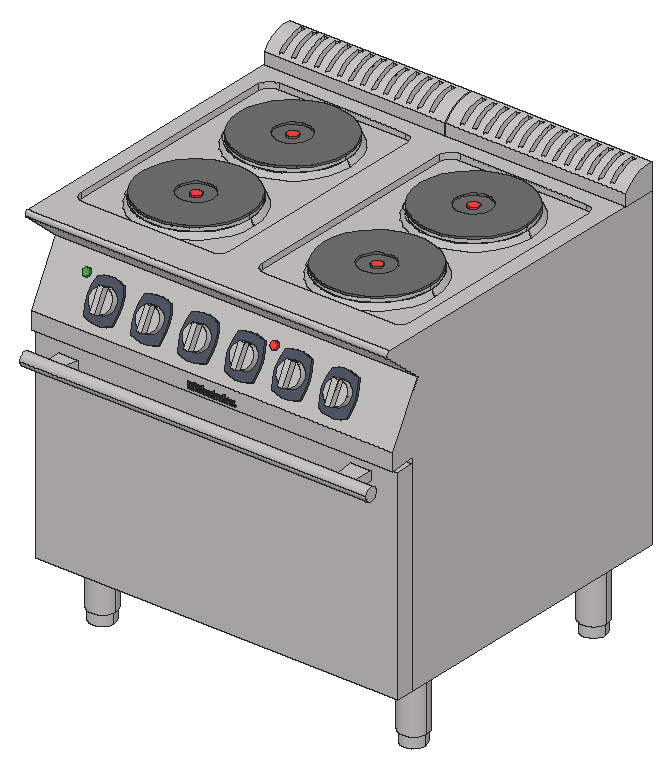
Revit family "QF_ELECTROLUXPROFESSIONAL_371016_E7ECEH4RE0", category Specialty Equipment, Revit 2018
Family settings
  Round Connector Dimension = Use Diameter
  Part Type = Normal
  Work Plane-Based = No
  Always vertical = Yes
  Cut with Voids When Loaded = No
  Shared = No
  Room Calculation Point = No
Parameters
  Width = 800.1 mm  # constant formula
  Weight in Pounds = 176  # constant formula
  Watts = 16400 VA  # 16400 W
  Volts = 400 V  # constant formula
  URL Cutsheet = "www.electrolux.com/foodservice"
  URL = "www.electrolux.com/foodservice"
  Type Mark [instance] = ""
  Status [instance] = ""
  Specification by User [instance] = ""
  Specification by Manufacturer = ""
  Show Logo [instance] = yes
  Show Clearance [instance] = yes
  Serial Number = ""
  Seismic Rating = ""
  SMACNA No = ""
  Revision Code [instance] = ""
  Phase = 3  # constant formula
  Omniclass Number and Title = ""
  Number of Poles [instance] = 1
  NAFEM Spec ID Number = ""
  Model = "371016"
  Min Ckt Ampacity = 0 A
  Max Overcurrent Protection = 0 A
  Masterspec = ""
  Manufacturer = "ELECTROLUX"
  Item Number [instance] = ""
  Installed By [instance] = ""
  Identify Quantity as Lot [instance] = yes
  Height = 908.1 mm  # constant formula
  HP = "22 HP"
  Furnished By [instance] = ""
  Foodservice Equipment Identifier [instance] = yes
  FL Amps = if(Phase = 3, Watts / (Volts * 1.73), Watts / Volts)  # 23.6994 A
  Electrical Remarks [instance] = "400 V/3 ph/50/60 Hz"  # constant formula
  Electric Connection Type [instance] = ""
  Elec Conn RI Height [instance] = 0 mm
  Elec Conn Connection Height [instance] = 0 mm
  Direct Waste Size = 0"
  Description = "700XP 4 Hot Plate Electric Boiling Top 2.6KW on Electric Oven - 400V"
  Depth = 730.25 mm  # constant formula
  Cycle = if([60 Hertz Option], 60 Hz, 50 Hz)  # 60 Hz
  Conn Plug = ""
  Conn Conduit = yes
  CSI MasterFormat = ""
  CSI Master Format = ""
  Base Height [instance] = 150 mm  # constant formula
  Apparent Power = if(Phase = 3, Volts * FL Amps * 1.73, Volts * FL Amps)  # 16400 VA
  60 Hertz Option = not([50 Hertz Option])  # yes
  50 Hertz Option = no
Reference planes
  plane 1 "BACK": y = 0
  plane 2: z = 0
  plane 3 "LEFT": x = 0
  plane 4 "RIGHT": x = 800.1
  plane 5 "FRONT": y = -730.25
  plane 6 "TOP": z = 908.1
  plane 7 "Center Y": x = 400.05
  plane 8 "Center X": y = -365.125
  plane 9 "TOP A": z = 851
  plane 10: z = 150
Forms (mm)
  Extrusion 1, solid, material "QF_Finishes_Stainless Steel"
    sketch origin (0, 0, 0) x (0, 1, 0) y (0, 0, 1)
      loop
        line (0, 851) -> (-722.928, 851)
        arc (-722.928, 851) -> (-729.69, 846.314) -> (-727.679, 838.336) r 7.223
        line (-727.679, 838.336) -> (-646.919, 767.809) -> (-713.772, 646.19) -> (-713.772, 608.09) -> (-660.4, 613.7) -> (-660.4, 150) -> (0, 150) -> (0, 851)
    from 0 to 800.1
  Extrusion 2, solid, material "QF_Finishes_Clearance", visible <- "Show Clearance", detail levels coarse
    sketch origin (0, 0, 0) x (1, 0, 0) y (0, 1, 0)
      loop
        line (0, -730.25) -> (0, 0) -> (800.1, 0) -> (800.1, -730.25) -> (950.119, -730.25) -> (950.119, 150.019) -> (-150.019, 150.019) -> (-150.019, -730.25) -> (0, -730.25)
    from 0 to 908.1
  Revolve 3, solid, material "QF_Finishes_Stainless Steel"
    sketch origin (0, -587.387, 608.09) x (0, 0, 1) y (-1, 0, 0)
      loop
        line (-608.09, -56) -> (-458.09, -56) -> (-458.09, -26) -> (-583.09, -26) -> (-583.09, -29.75) -> (-608.09, -29.75) -> (-608.09, -56)
      axis (-608.09, -56) -> (-458.09, -56)
    angle from 0 to 360
  Revolve 4, solid, material "QF_Finishes_Stainless Steel"
    sketch origin (400.05, -587.387, 608.09) x (0, 0, 1) y (-1, 0, 0)
      loop
        line (-608.09, -344.05) -> (-608.09, -370.3) -> (-583.09, -370.3) -> (-583.09, -374.05) -> (-458.09, -374.05) -> (-458.09, -344.05) -> (-608.09, -344.05)
      axis (-608.09, -344.05) -> (-458.09, -344.05)
    angle from 0 to 360
  Revolve 5, solid, material "QF_Finishes_Stainless Steel"
    sketch origin (0, -90, 608.09) x (0, 0, 1) y (-1, 0, 0)
      loop
        line (-608.09, -56) -> (-458.09, -56) -> (-458.09, -26) -> (-583.09, -26) -> (-583.09, -29.75) -> (-608.09, -29.75) -> (-608.09, -56)
      axis (-608.09, -56) -> (-458.09, -56)
    angle from 0 to 360
  Revolve 6, solid, material "QF_Finishes_Stainless Steel"
    sketch origin (400.05, -90, 608.09) x (0, 0, 1) y (-1, 0, 0)
      loop
        line (-608.09, -344.05) -> (-608.09, -370.3) -> (-583.09, -370.3) -> (-583.09, -374.05) -> (-458.09, -374.05) -> (-458.09, -344.05) -> (-608.09, -344.05)
      axis (-608.09, -344.05) -> (-458.09, -344.05)
    angle from 0 to 360
  Extrusion 7, solid, material "QF_Finishes_Stainless Steel"
    sketch origin (-77.88, -4572, 150) x (-1, 0, 0) y (0, -1, 0)
      loop
        circle (-830.355, -4059.238) r 12.7
    from 3.2 to 0
  Extrusion 8, solid, material "QF_Finishes_Stainless Steel"
    sketch origin (199.231, -12.7, -7.5) x (0, 1, 0) y (0, 0, 1)
      loop
        circle (-740.063, 582.209) r 14
    from -181.531 to 583.169
  Extrusion 9, solid, material "QF_Finishes_Stainless Steel"
    sketch origin (-23.75, -12.7, 562.009) x (-1, 0, 0) y (0, -1, 0)
      loop
        line (-84.731, 741.563) -> (-118.724, 741.563) -> (-126.38, 700.088) -> (-84.731, 700.088) -> (-84.731, 741.563)
      loop
        line (-762.869, 741.563) -> (-762.869, 687.387) -> (-718.876, 687.387) -> (-728.876, 741.563) -> (-762.869, 741.563)
    from 0 to 21.491
  Extrusion 10, solid, material "QF_Finishes_Navy Blue", visible <- "Show Logo"
    sketch origin (59.194, -713.772, 608.09) x (0, 0, 1) y (-1, 0, 0)
      loop
        line (20.674, -296.698) -> (8.307, -296.698)
        arc (8.307, -296.698) -> (14.491, -301.27) -> (20.674, -296.698) r 6.467
      loop
        arc (20.674, -296.069) -> (19.505, -290.926) -> (14.849, -288.448) r 6.338
        line (14.849, -288.448) -> (14.849, -290.494)
        arc (14.849, -290.494) -> (16.333, -294.149) -> (19.778, -296.069) r 5.941
        line (19.778, -296.069) -> (20.674, -296.069)
      loop
        arc (9.203, -296.069) -> (12.648, -294.149) -> (14.132, -290.494) r 5.941
        line (14.132, -290.494) -> (14.132, -288.448)
        arc (14.132, -288.448) -> (9.438, -290.922) -> (8.148, -296.069) r 6.504
        line (8.148, -296.069) -> (9.203, -296.069)
      loop
        line (21.349, -287.979) -> (7.604, -287.979) -> (7.604, -301.742) -> (21.349, -301.742) -> (21.349, -287.979)
      loop
        arc (21.432, -304.71) -> (21.085, -304.352) -> (20.718, -304.69) r 0.358
        arc (20.718, -304.69) -> (20.404, -305.44) -> (19.687, -305.825) r 1.216
        line (19.687, -305.825) -> (9.274, -305.825)
        arc (9.274, -305.825) -> (8.614, -305.548) -> (8.218, -304.951) r 1.238
        arc (8.218, -304.951) -> (7.823, -304.7) -> (7.518, -305.054) r 0.358
        line (7.518, -305.054) -> (7.518, -314.933) -> (10.269, -314.933) -> (10.269, -314.036)
        arc (10.269, -314.036) -> (9.36, -313.456) -> (8.904, -312.479) r 1.928
        line (8.904, -312.479) -> (8.904, -309.98)
        arc (8.904, -309.98) -> (9.18, -309.251) -> (9.868, -308.887) r 1.101
        line (9.868, -308.887) -> (13.955, -308.887) -> (13.955, -312.561)
        arc (13.955, -312.561) -> (13.602, -313.058) -> (13.037, -313.286) r 1.083
        arc (13.037, -313.286) -> (12.773, -313.591) -> (13.065, -313.869) r 0.292
        line (13.065, -313.869) -> (16.028, -313.869)
        arc (16.028, -313.869) -> (16.33, -313.596) -> (16.092, -313.266) r 0.305
        arc (16.092, -313.266) -> (15.601, -313.018) -> (15.296, -312.561) r 1.083
        line (15.296, -312.561) -> (15.296, -308.887) -> (19.973, -308.887) -> (19.973, -312.635)
        arc (19.973, -312.635) -> (19.759, -313.39) -> (19.153, -313.888) r 1.314
        arc (19.153, -313.888) -> (18.934, -314.292) -> (19.288, -314.585) r 0.361
        line (19.288, -314.585) -> (21.432, -314.585) -> (21.432, -304.71)
      loop
        arc (20.715, -315.365) -> (20.335, -316.284) -> (19.416, -316.664) r 1.299
        line (19.416, -316.664) -> (9.837, -316.664)
        arc (9.837, -316.664) -> (8.999, -316.286) -> (8.728, -315.408) r 1.118
        line (8.728, -315.408) -> (7.518, -315.408) -> (7.518, -320.758) -> (8.706, -320.758)
        arc (8.706, -320.758) -> (8.978, -319.841) -> (9.848, -319.445) r 1.153
        line (9.848, -319.445) -> (21.92, -319.445) -> (20.715, -315.365)
      loop
        line (12.483, -323.394) -> (12.483, -329.842) -> (13.282, -329.842)
        arc (13.282, -329.842) -> (15.862, -328.857) -> (17.131, -326.404) r 3.874
        line (17.131, -326.404) -> (17.131, -324.643)
        arc (17.131, -324.643) -> (15.944, -321.778) -> (13.08, -320.592) r 4.051
        line (13.08, -320.592) -> (11.072, -320.592)
        arc (11.072, -320.592) -> (8.253, -322.077) -> (7.202, -325.084) r 4.352
        arc (7.202, -325.084) -> (7.566, -327.547) -> (8.943, -329.621) r 5.713
        line (8.943, -329.621) -> (9.892, -329.621)
        arc (9.892, -329.621) -> (9.16, -328.052) -> (8.943, -326.334) r 5.579
        arc (8.943, -326.334) -> (9.737, -324.371) -> (11.616, -323.394) r 3.057
        line (11.616, -323.394) -> (12.483, -323.394)
      loop
        line (13.742, -323.394) -> (13.742, -326.977)
        arc (13.742, -326.977) -> (15.199, -327.024) -> (16.082, -325.864) r 1.59
        line (16.082, -325.864) -> (16.082, -325.034)
        arc (16.082, -325.034) -> (15.217, -323.779) -> (13.742, -323.394) r 2.184
      loop
        arc (16.533, -339.259) -> (17.022, -337.585) -> (17.179, -335.848) r 9.023
        line (17.179, -335.848) -> (17.179, -334.486)
        arc (17.179, -334.486) -> (16.02, -331.686) -> (13.22, -330.527) r 3.959
        line (13.22, -330.527) -> (10.62, -330.527)
        arc (10.62, -330.527) -> (8.338, -331.819) -> (7.221, -334.192) r 4.331
        line (7.221, -334.192) -> (7.221, -336.327)
        arc (7.221, -336.327) -> (7.729, -337.877) -> (8.651, -339.223) r 5.772
        arc (8.651, -339.223) -> (9.412, -339.274) -> (9.499, -338.515) r 0.553
        arc (9.499, -338.515) -> (9.111, -337.781) -> (8.977, -336.962) r 2.573
        line (8.977, -336.962) -> (8.977, -335.447)
        arc (8.977, -335.447) -> (9.983, -333.806) -> (11.798, -333.163) r 2.884
        line (11.798, -333.163) -> (13.077, -333.163)
        arc (13.077, -333.163) -> (14.898, -333.723) -> (15.824, -335.388) r 2.554
        line (15.824, -335.388) -> (15.824, -336.441)
        arc (15.824, -336.441) -> (15.493, -337.369) -> (14.836, -338.104) r 2.564
        arc (14.836, -338.104) -> (14.614, -338.821) -> (15.223, -339.259) r 0.643
        line (15.223, -339.259) -> (16.533, -339.259)
      loop
        line (15.515, -339.53) -> (15.515, -341.031) -> (9.467, -341.031)
        arc (9.467, -341.031) -> (7.879, -341.688) -> (7.221, -343.276) r 2.246
        line (7.221, -343.276) -> (7.221, -344.86)
        arc (7.221, -344.86) -> (7.535, -345.725) -> (8.035, -346.496) r 4.06
        arc (8.035, -346.496) -> (8.768, -346.629) -> (9.019, -345.928) r 0.576
        arc (9.019, -345.928) -> (8.913, -345.403) -> (8.977, -344.87) r 1.69
        arc (8.977, -344.87) -> (9.519, -344.082) -> (10.425, -343.779) r 1.506
        line (10.425, -343.779) -> (15.563, -343.779) -> (15.563, -346.176) -> (16.119, -346.733) -> (16.941, -346.733) -> (16.941, -343.873) -> (20.172, -343.873) -> (15.515, -339.53)
      loop
        line (7.438, -347.63) -> (7.438, -353.017) -> (8.548, -353.017)
        arc (8.548, -353.017) -> (8.942, -352.066) -> (9.893, -351.672) r 1.345
        line (9.893, -351.672) -> (13.509, -351.672)
        arc (13.509, -351.672) -> (14.274, -352.264) -> (14.564, -353.186) r 1.615
        line (14.564, -353.186) -> (14.564, -354.742) -> (17.119, -355.427) -> (17.119, -354.044) -> (15.177, -351.485) -> (17.057, -351.485) -> (16.773, -348.779)
        arc (16.773, -348.779) -> (16.333, -348.249) -> (15.674, -348.45) r 0.621
        arc (15.674, -348.45) -> (15.274, -348.792) -> (14.78, -348.975) r 1.501
        line (14.78, -348.975) -> (9.893, -348.975)
        arc (9.893, -348.975) -> (8.942, -348.581) -> (8.548, -347.63) r 1.345
        line (8.548, -347.63) -> (7.438, -347.63)
      loop
        line (13.54, -354.964) -> (10.848, -354.964)
        arc (10.848, -354.964) -> (8.403, -356.272) -> (7.269, -358.803) r 4.288
        arc (7.269, -358.803) -> (7.205, -360.183) -> (7.269, -361.563) r 15.022
        arc (7.269, -361.563) -> (8.403, -364.094) -> (10.848, -365.401) r 4.288
        line (10.848, -365.401) -> (13.54, -365.401)
        arc (13.54, -365.401) -> (15.986, -364.094) -> (17.119, -361.563) r 4.288
        arc (17.119, -361.563) -> (17.183, -360.183) -> (17.119, -358.803) r 15.022
        arc (17.119, -358.803) -> (15.986, -356.272) -> (13.54, -354.964) r 4.288
      loop
        line (13.745, -358.078) -> (10.643, -358.078)
        arc (10.643, -358.078) -> (8.486, -360.235) -> (10.643, -362.392) r 2.157
        line (10.643, -362.392) -> (13.745, -362.392)
        arc (13.745, -362.392) -> (15.902, -360.235) -> (13.745, -358.078) r 2.157
      loop
        arc (20.726, -365.26) -> (20.355, -366.154) -> (19.461, -366.524) r 1.264
        line (19.461, -366.524) -> (9.597, -366.524)
        arc (9.597, -366.524) -> (8.727, -366.127) -> (8.455, -365.211) r 1.153
        line (8.455, -365.211) -> (7.518, -365.211) -> (7.518, -370.319) -> (8.446, -370.319)
        arc (8.446, -370.319) -> (8.805, -369.547) -> (9.597, -369.232) r 1.153
        line (9.597, -369.232) -> (21.92, -369.232) -> (20.726, -365.26)
      loop
        arc (15.846, -369.857) -> (15.647, -370.921) -> (14.678, -371.403) r 1.215
        line (14.678, -371.403) -> (9.658, -371.403)
        arc (9.658, -371.403) -> (8.043, -372.051) -> (7.322, -373.634) r 2.338
        line (7.322, -373.634) -> (7.322, -375.148)
        arc (7.322, -375.148) -> (7.497, -376.152) -> (7.999, -377.038) r 2.979
        line (7.999, -377.038) -> (7.518, -378.835) -> (7.518, -380.524) -> (16.943, -380.524) -> (16.649, -376.32) -> (15.863, -376.32)
        arc (15.863, -376.32) -> (15.507, -377.156) -> (14.755, -377.665) r 1.605
        line (14.755, -377.665) -> (9.652, -377.665)
        arc (9.652, -377.665) -> (9.232, -376.728) -> (9.159, -375.704) r 2.94
        arc (9.159, -375.704) -> (9.72, -374.603) -> (10.873, -374.16) r 1.724
        line (10.873, -374.16) -> (17.07, -374.16) -> (15.846, -369.857)
      loop
        line (16.874, -381.377) -> (15.202, -383.423) -> (12.028, -385.729) -> (8.572, -382.617)
        arc (8.572, -382.617) -> (8.335, -382.223) -> (8.357, -381.764) r 0.789
        line (8.357, -381.764) -> (7.518, -381.764) -> (7.518, -385.309) -> (8.344, -385.309)
        arc (8.344, -385.309) -> (8.686, -384.947) -> (9.176, -385.039) r 0.52
        line (9.176, -385.039) -> (10.976, -386.51) -> (8.858, -387.886)
        arc (8.858, -387.886) -> (8.457, -387.576) -> (8.37, -387.076) r 0.7
        line (8.37, -387.076) -> (7.518, -387.076) -> (7.518, -393.003) -> (8.405, -393.003)
        arc (8.405, -393.003) -> (8.472, -392.344) -> (8.866, -391.813) r 1.247
        line (8.866, -391.813) -> (13.066, -388.532) -> (15.513, -390.585) -> (16.874, -392.327) -> (16.874, -388.604) -> (15.389, -389.026) -> (13.868, -387.749) -> (15.568, -386.559) -> (16.874, -387.336) -> (16.874, -381.377)
    from 0 to 1.644
  Extrusion 11, solid, material "QF_Finishes_Stainless Steel"
    sketch origin (0, -660.4, 601) x (0, 0, 1) y (-1, 0, 0)
      loop
        line (0, -800.1) -> (0, 0) -> (-451, 0) -> (-451, -800.1) -> (0, -800.1)
    from 1.588 to 39.688
  Extrusion 12, solid, material "QF_Finishes_Navy Blue"
    sketch origin (-221.762, -716.743, 640.785) x (0, 0.481713, 0.876329) y (-1, 0, 0)
      loop
        arc (105.947, -332.692) -> (68.865, -323.711) -> (31.333, -330.573) r 91.844
        arc (31.333, -330.573) -> (24.206, -361.215) -> (31.333, -391.858) r 69.441
        arc (31.333, -391.858) -> (68.854, -398.569) -> (105.947, -389.79) r 93.759
        arc (105.947, -389.79) -> (112.176, -361.241) -> (105.947, -332.692) r 68.543
    from 0 to 3.175
  Extrusion 13, solid, material "QF_Finishes_Stainless Steel"
    sketch origin (-20.512, -719.526, 642.314) x (0, 0.481713, 0.876329) y (-1, 0, 0)
      loop
        circle (68.826, -160.963) r 25.4
    from 0 to 12.7
  Extrusion 14, solid, material "QF_Finishes_Stainless Steel"
    sketch origin (-20.512, -730.655, 648.432) x (0, 0.481713, 0.876329) y (-1, 0, 0)
      loop
        arc (93.558, -166.749) -> (94.226, -160.963) -> (93.558, -155.177) r 25.4
        line (93.558, -155.177) -> (44.094, -155.177)
        arc (44.094, -155.177) -> (43.426, -160.963) -> (44.094, -166.749) r 25.4
        line (44.094, -166.749) -> (93.558, -166.749)
    from 0 to 12.7
  Extrusion 15, solid, material "QF_Finishes_Green"
    sketch origin (-92.5, -696.912, 676.862) x (0, 0.481713, 0.876329) y (-1, 0, 0)
      loop
        circle (63.365, -178.251) r 8
    from 0 to 3.175
  Extrusion 16, solid, material "QF_Finishes_Door Clearance", visible <- "Show Clearance", detail levels coarse
    sketch origin (400.05, 0, 0) x (0, 1, 0) y (0, 0, 1)
      loop
        line (-700.088, 150) -> (-700.088, 601)
        arc (-700.088, 601) -> (-992.356, 454.945) -> (-1109.663, 150) r 451.686
        line (-1109.663, 150) -> (-700.088, 150)
    from -400.05 to 400.05
  Extrusion 17, solid, material "QF_Finishes_Navy Blue"
    sketch origin (297.436, -716.743, 640.785) x (0, 0.481713, 0.876329) y (-1, 0, 0)
      loop
        arc (105.947, -332.692) -> (68.865, -323.711) -> (31.333, -330.573) r 91.844
        arc (31.333, -330.573) -> (24.206, -361.215) -> (31.333, -391.858) r 69.441
        arc (31.333, -391.858) -> (68.854, -398.569) -> (105.947, -389.79) r 93.759
        arc (105.947, -389.79) -> (112.176, -361.241) -> (105.947, -332.692) r 68.543
    from 0 to 3.175
  Extrusion 18, solid, material "QF_Finishes_Stainless Steel"
    sketch origin (498.686, -719.526, 642.314) x (0, 0.481713, 0.876329) y (-1, 0, 0)
      loop
        circle (68.826, -160.963) r 25.4
    from 0 to 12.7
  Extrusion 19, solid, material "QF_Finishes_Stainless Steel"
    sketch origin (498.686, -730.655, 648.432) x (0, 0.481713, 0.876329) y (-1, 0, 0)
      loop
        arc (93.558, -166.749) -> (94.226, -160.963) -> (93.558, -155.177) r 25.4
        line (93.558, -155.177) -> (44.094, -155.177)
        arc (44.094, -155.177) -> (43.426, -160.963) -> (44.094, -166.749) r 25.4
        line (44.094, -166.749) -> (93.558, -166.749)
    from 0 to 12.7
  Extrusion 20, solid, material "QF_Finishes_Navy Blue"
    sketch origin (-117.922, -716.743, 640.785) x (0, 0.481713, 0.876329) y (-1, 0, 0)
      loop
        arc (105.947, -332.692) -> (68.865, -323.711) -> (31.333, -330.573) r 91.844
        arc (31.333, -330.573) -> (24.206, -361.215) -> (31.333, -391.858) r 69.441
        arc (31.333, -391.858) -> (68.854, -398.569) -> (105.947, -389.79) r 93.759
        arc (105.947, -389.79) -> (112.176, -361.241) -> (105.947, -332.692) r 68.543
    from 0 to 3.175
  Extrusion 21, solid, material "QF_Finishes_Stainless Steel"
    sketch origin (83.328, -719.526, 642.314) x (0, 0.481713, 0.876329) y (-1, 0, 0)
      loop
        circle (68.826, -160.963) r 25.4
    from 0 to 12.7
  Extrusion 22, solid, material "QF_Finishes_Stainless Steel"
    sketch origin (83.328, -730.655, 648.432) x (0, 0.481713, 0.876329) y (-1, 0, 0)
      loop
        arc (93.558, -166.749) -> (94.226, -160.963) -> (93.558, -155.177) r 25.4
        line (93.558, -155.177) -> (44.094, -155.177)
        arc (44.094, -155.177) -> (43.426, -160.963) -> (44.094, -166.749) r 25.4
        line (44.094, -166.749) -> (93.558, -166.749)
    from 0 to 12.7
  Extrusion 23, solid, material "QF_Finishes_Navy Blue"
    sketch origin (-14.083, -716.743, 640.785) x (0, 0.481713, 0.876329) y (-1, 0, 0)
      loop
        arc (105.947, -332.692) -> (68.865, -323.711) -> (31.333, -330.573) r 91.844
        arc (31.333, -330.573) -> (24.206, -361.215) -> (31.333, -391.858) r 69.441
        arc (31.333, -391.858) -> (68.854, -398.569) -> (105.947, -389.79) r 93.759
        arc (105.947, -389.79) -> (112.176, -361.241) -> (105.947, -332.692) r 68.543
    from 0 to 3.175
  Extrusion 24, solid, material "QF_Finishes_Stainless Steel"
    sketch origin (187.167, -719.526, 642.314) x (0, 0.481713, 0.876329) y (-1, 0, 0)
      loop
        circle (68.826, -160.963) r 25.4
    from 0 to 12.7
  Extrusion 25, solid, material "QF_Finishes_Stainless Steel"
    sketch origin (187.167, -730.655, 648.432) x (0, 0.481713, 0.876329) y (-1, 0, 0)
      loop
        arc (93.558, -166.749) -> (94.226, -160.963) -> (93.558, -155.177) r 25.4
        line (93.558, -155.177) -> (44.094, -155.177)
        arc (44.094, -155.177) -> (43.426, -160.963) -> (44.094, -166.749) r 25.4
        line (44.094, -166.749) -> (93.558, -166.749)
    from 0 to 12.7
  Extrusion 26, solid, material "QF_Finishes_Navy Blue"
    sketch origin (89.757, -716.743, 640.785) x (0, 0.481713, 0.876329) y (-1, 0, 0)
      loop
        arc (105.947, -332.692) -> (68.865, -323.711) -> (31.333, -330.573) r 91.844
        arc (31.333, -330.573) -> (24.206, -361.215) -> (31.333, -391.858) r 69.441
        arc (31.333, -391.858) -> (68.854, -398.569) -> (105.947, -389.79) r 93.759
        arc (105.947, -389.79) -> (112.176, -361.241) -> (105.947, -332.692) r 68.543
    from 0 to 3.175
  Extrusion 27, solid, material "QF_Finishes_Stainless Steel"
    sketch origin (291.007, -719.526, 642.314) x (0, 0.481713, 0.876329) y (-1, 0, 0)
      loop
        circle (68.826, -160.963) r 25.4
    from 0 to 12.7
  Extrusion 28, solid, material "QF_Finishes_Stainless Steel"
    sketch origin (291.007, -730.655, 648.432) x (0, 0.481713, 0.876329) y (-1, 0, 0)
      loop
        arc (93.558, -166.749) -> (94.226, -160.963) -> (93.558, -155.177) r 25.4
        line (93.558, -155.177) -> (44.094, -155.177)
        arc (44.094, -155.177) -> (43.426, -160.963) -> (44.094, -166.749) r 25.4
        line (44.094, -166.749) -> (93.558, -166.749)
    from 0 to 12.7
  Extrusion 29, solid, material "QF_Finishes_Navy Blue"
    sketch origin (193.596, -716.743, 640.785) x (0, 0.481713, 0.876329) y (-1, 0, 0)
      loop
        arc (105.947, -332.692) -> (68.865, -323.711) -> (31.333, -330.573) r 91.844
        arc (31.333, -330.573) -> (24.206, -361.215) -> (31.333, -391.858) r 69.441
        arc (31.333, -391.858) -> (68.854, -398.569) -> (105.947, -389.79) r 93.759
        arc (105.947, -389.79) -> (112.176, -361.241) -> (105.947, -332.692) r 68.543
    from 0 to 3.175
  Extrusion 30, solid, material "QF_Finishes_Stainless Steel"
    sketch origin (394.846, -719.526, 642.314) x (0, 0.481713, 0.876329) y (-1, 0, 0)
      loop
        circle (68.826, -160.963) r 25.4
    from 0 to 12.7
  Extrusion 31, solid, material "QF_Finishes_Stainless Steel"
    sketch origin (394.846, -730.655, 648.432) x (0, 0.481713, 0.876329) y (-1, 0, 0)
      loop
        arc (93.558, -166.749) -> (94.226, -160.963) -> (93.558, -155.177) r 25.4
        line (93.558, -155.177) -> (44.094, -155.177)
        arc (44.094, -155.177) -> (43.426, -160.963) -> (44.094, -166.749) r 25.4
        line (44.094, -166.749) -> (93.558, -166.749)
    from 0 to 12.7
  Extrusion 32, solid, material "QF_Finishes_Stainless Steel"
    sketch origin (0, 0, 576.362) x (0, 1, 0) y (0, 0, 1)
      loop
        line (0, 274.638) -> (0, 331.738)
        arc (0, 331.738) -> (-38.857, 324.552) -> (-69.85, 300.038) r 82.056
        line (-69.85, 300.038) -> (-69.85, 274.638) -> (0, 274.638)
    from 0 to 400.05
  Extrusion 33, void
    sketch origin (0, 0, 851) x (0, -1, 0) y (1, 0, 0)
      loop
        line (6.761, 29.703) -> (63.911, 29.703) -> (63.911, 38.999) -> (6.761, 38.999) -> (6.761, 29.703)
      loop
        line (63.911, 64.487) -> (6.761, 64.487) -> (6.761, 55.191) -> (63.911, 55.191) -> (63.911, 64.487)
      loop
        line (63.911, 89.975) -> (6.761, 89.975) -> (6.761, 80.68) -> (63.911, 80.68) -> (63.911, 89.975)
      loop
        line (63.911, 115.464) -> (6.761, 115.464) -> (6.761, 106.168) -> (63.911, 106.168) -> (63.911, 115.464)
      loop
        line (63.911, 140.952) -> (6.761, 140.952) -> (6.761, 131.656) -> (63.911, 131.656) -> (63.911, 140.952)
      loop
        line (63.911, 166.44) -> (6.761, 166.44) -> (6.761, 157.145) -> (63.911, 157.145) -> (63.911, 166.44)
      loop
        line (63.911, 191.929) -> (6.761, 191.929) -> (6.761, 182.633) -> (63.911, 182.633) -> (63.911, 191.929)
      loop
        line (63.911, 217.417) -> (6.761, 217.417) -> (6.761, 208.121) -> (63.911, 208.121) -> (63.911, 217.417)
      loop
        line (63.911, 242.905) -> (6.761, 242.905) -> (6.761, 233.61) -> (63.911, 233.61) -> (63.911, 242.905)
      loop
        line (63.911, 268.394) -> (6.761, 268.394) -> (6.761, 259.098) -> (63.911, 259.098) -> (63.911, 268.394)
      loop
        line (63.911, 293.882) -> (6.761, 293.882) -> (6.761, 284.586) -> (63.911, 284.586) -> (63.911, 293.882)
      loop
        line (63.911, 319.37) -> (6.761, 319.37) -> (6.761, 310.075) -> (63.911, 310.075) -> (63.911, 319.37)
      loop
        line (63.911, 344.859) -> (6.761, 344.859) -> (6.761, 335.563) -> (63.911, 335.563) -> (63.911, 344.859)
      loop
        line (63.911, 370.347) -> (6.761, 370.347) -> (6.761, 361.051) -> (63.911, 361.051) -> (63.911, 370.347)
    from 25.4 to 63.5
  Extrusion 34, void
    sketch origin (0, 0, 851) x (1, 0, 0) y (0, -1, 0)
      loop
        line (60.425, 104.885) -> (339.625, 104.885)
        arc (339.625, 104.885) -> (357.586, 112.324) -> (365.025, 130.285) r 25.4
        line (365.025, 130.285) -> (365.025, 619.485)
        arc (365.025, 619.485) -> (357.586, 637.445) -> (339.625, 644.885) r 25.4
        line (339.625, 644.885) -> (60.425, 644.885)
        arc (60.425, 644.885) -> (42.464, 637.445) -> (35.025, 619.485) r 25.4
        line (35.025, 619.485) -> (35.025, 130.285)
        arc (35.025, 130.285) -> (42.464, 112.324) -> (60.425, 104.885) r 25.4
      loop
        arc (739.675, 104.885) -> (757.636, 112.324) -> (765.075, 130.285) r 25.4
        line (765.075, 130.285) -> (765.075, 619.485)
        arc (765.075, 619.485) -> (757.636, 637.445) -> (739.675, 644.885) r 25.4
        line (739.675, 644.885) -> (460.475, 644.885)
        arc (460.475, 644.885) -> (442.514, 637.445) -> (435.075, 619.485) r 25.4
        line (435.075, 619.485) -> (435.075, 130.285)
        arc (435.075, 130.285) -> (442.514, 112.324) -> (460.475, 104.885) r 25.4
        line (460.475, 104.885) -> (739.675, 104.885)
    from 0 to 12.7
  Extrusion 35, solid, material "QF_Finishes_Stainless Steel"
    sketch origin (400.05, 0, 576.362) x (0, 1, 0) y (0, 0, 1)
      loop
        line (0, 274.638) -> (0, 331.738)
        arc (0, 331.738) -> (-38.857, 324.552) -> (-69.85, 300.038) r 82.056
        line (-69.85, 300.038) -> (-69.85, 274.638) -> (0, 274.638)
    from 0 to 400.05
  Extrusion 36, void
    sketch origin (400.05, 0, 851) x (0, -1, 0) y (1, 0, 0)
      loop
        line (6.761, 29.703) -> (63.911, 29.703) -> (63.911, 38.999) -> (6.761, 38.999) -> (6.761, 29.703)
      loop
        line (63.911, 64.487) -> (6.761, 64.487) -> (6.761, 55.191) -> (63.911, 55.191) -> (63.911, 64.487)
      loop
        line (63.911, 89.975) -> (6.761, 89.975) -> (6.761, 80.68) -> (63.911, 80.68) -> (63.911, 89.975)
      loop
        line (63.911, 115.464) -> (6.761, 115.464) -> (6.761, 106.168) -> (63.911, 106.168) -> (63.911, 115.464)
      loop
        line (63.911, 140.952) -> (6.761, 140.952) -> (6.761, 131.656) -> (63.911, 131.656) -> (63.911, 140.952)
      loop
        line (63.911, 166.44) -> (6.761, 166.44) -> (6.761, 157.145) -> (63.911, 157.145) -> (63.911, 166.44)
      loop
        line (63.911, 191.929) -> (6.761, 191.929) -> (6.761, 182.633) -> (63.911, 182.633) -> (63.911, 191.929)
      loop
        line (63.911, 217.417) -> (6.761, 217.417) -> (6.761, 208.121) -> (63.911, 208.121) -> (63.911, 217.417)
      loop
        line (63.911, 242.905) -> (6.761, 242.905) -> (6.761, 233.61) -> (63.911, 233.61) -> (63.911, 242.905)
      loop
        line (63.911, 268.394) -> (6.761, 268.394) -> (6.761, 259.098) -> (63.911, 259.098) -> (63.911, 268.394)
      loop
        line (63.911, 293.882) -> (6.761, 293.882) -> (6.761, 284.586) -> (63.911, 284.586) -> (63.911, 293.882)
      loop
        line (63.911, 319.37) -> (6.761, 319.37) -> (6.761, 310.075) -> (63.911, 310.075) -> (63.911, 319.37)
      loop
        line (63.911, 344.859) -> (6.761, 344.859) -> (6.761, 335.563) -> (63.911, 335.563) -> (63.911, 344.859)
      loop
        line (63.911, 370.347) -> (6.761, 370.347) -> (6.761, 361.051) -> (63.911, 361.051) -> (63.911, 370.347)
    from 25.4 to 63.5
  Extrusion 37, solid, material "QF_Finishes_Red"
    sketch origin (322.858, -696.912, 676.862) x (0, 0.481713, 0.876329) y (-1, 0, 0)
      loop
        circle (63.365, -178.251) r 8
    from 0 to 3.175
Cuts and joins
  joined: Extrusion 8, Extrusion 9
  Extrusion 33, Extrusion 36 cuts Extrusion 32
  Extrusion 34 cuts Extrusion 1
  Extrusion 36 cuts Extrusion 2
  Extrusion 36 cuts Extrusion 35
Lines and regions (mm)
  symbolic lines, style "QF-Clearances", visible <- "Show Clearance", detail levels coarse
    curve 1: line (-150.019, 150.019, 851) -> (-150.019, -731.627, 851)
    curve 2: line (950.119, 150.019, 851) -> (-150.019, 150.019, 851)
    curve 3: line (950.119, -731.627, 851) -> (950.119, 150.019, 851)
  symbolic lines
    curve 4: line (0, 0, 851) -> (800.1, 0, 851)
    curve 5: line (0, -730.25, 851) -> (0, 0, 851)
    curve 6: line (800.1, 0, 851) -> (800.1, -730.25, 851)
    curve 7: line (0, -69.85, 851) -> (0, -63.012, 851)
    curve 8: line (800.1, -730.25, 851) -> (0, -730.25, 851)
    curve 9: line (0, -69.85, 851) -> (800.1, -69.85, 851)
    curve 13: line (17.7, -738.763, 851) -> (17.7, -766.763, 851)
    curve 14: line (782.4, -766.763, 851) -> (17.7, -766.763, 851)
    curve 15: line (782.4, -738.763, 851) -> (782.4, -766.763, 851)
    curve 16: line (400.05, -69.85, 851) -> (400.05, -63.012, 851)
    curve 17: line (17.7, -738.763, 851) -> (782.4, -738.763, 851)
    curve 18: line (60.981, -738.763, 851) -> (60.981, -730.25, 851)
    curve 19: line (97.835, -738.763, 851) -> (99.406, -730.25, 851)
    curve 20: line (739.119, -738.763, 851) -> (739.119, -730.25, 851)
    curve 21: line (702.265, -738.763, 851) -> (700.694, -730.25, 851)
    curve 22: line (60.425, -104.885, 851) -> (339.625, -104.885, 851)
    curve 23: arc (339.625, -104.885, 851) -> (357.586, -112.324, 851) -> (365.025, -130.285, 851) r 25.4
    curve 24: line (365.025, -130.285, 851) -> (365.025, -619.485, 851)
    curve 25: arc (365.025, -619.485, 851) -> (357.586, -637.445, 851) -> (339.625, -644.885, 851) r 25.4
    curve 26: line (339.625, -644.885, 851) -> (60.425, -644.885, 851)
    curve 27: arc (60.425, -644.885, 851) -> (42.464, -637.445, 851) -> (35.025, -619.485, 851) r 25.4
    curve 28: line (35.025, -619.485, 851) -> (35.025, -130.285, 851)
    curve 29: arc (35.025, -130.285, 851) -> (42.464, -112.324, 851) -> (60.425, -104.885, 851) r 25.4
    curve 30: line (460.475, -104.885, 851) -> (739.675, -104.885, 851)
    curve 31: arc (739.675, -104.885, 851) -> (757.636, -112.324, 851) -> (765.075, -130.285, 851) r 25.4
    curve 32: line (765.075, -130.285, 851) -> (765.075, -619.485, 851)
    curve 33: arc (765.075, -619.485, 851) -> (757.636, -637.445, 851) -> (739.675, -644.885, 851) r 25.4
    curve 34: line (739.675, -644.885, 851) -> (460.475, -644.885, 851)
    curve 35: arc (460.475, -644.885, 851) -> (442.514, -637.445, 851) -> (435.075, -619.485, 851) r 25.4
    curve 36: line (435.075, -619.485, 851) -> (435.075, -130.285, 851)
    curve 37: arc (435.075, -130.285, 851) -> (442.514, -112.324, 851) -> (460.475, -104.885, 851) r 25.4
    curve 38: line (400.05, -69.85, 851) -> (400.05, 0, 851)
    curve 39: line (29.703, -6.761, 851) -> (38.999, -6.761, 851)
    curve 40: line (29.703, -63.911, 851) -> (29.703, -6.761, 851)
    curve 41: line (38.999, -63.911, 851) -> (29.703, -63.911, 851)
    curve 42: line (38.999, -6.761, 851) -> (38.999, -63.911, 851)
    curve 43: line (55.191, -6.761, 851) -> (64.487, -6.761, 851)
    curve 44: line (55.191, -63.911, 851) -> (55.191, -6.761, 851)
    curve 45: line (64.487, -63.911, 851) -> (55.191, -63.911, 851)
    curve 46: line (64.487, -6.761, 851) -> (64.487, -63.911, 851)
    curve 47: line (80.68, -6.761, 851) -> (89.975, -6.761, 851)
    curve 48: line (80.68, -63.911, 851) -> (80.68, -6.761, 851)
    curve 49: line (89.975, -63.911, 851) -> (80.68, -63.911, 851)
    curve 50: line (89.975, -6.761, 851) -> (89.975, -63.911, 851)
    curve 51: line (106.168, -6.761, 851) -> (115.464, -6.761, 851)
    curve 52: line (106.168, -63.911, 851) -> (106.168, -6.761, 851)
    curve 53: line (115.464, -63.911, 851) -> (106.168, -63.911, 851)
    curve 54: line (115.464, -6.761, 851) -> (115.464, -63.911, 851)
    curve 55: line (131.656, -6.761, 851) -> (140.952, -6.761, 851)
    curve 56: line (131.656, -63.911, 851) -> (131.656, -6.761, 851)
    curve 57: line (140.952, -63.911, 851) -> (131.656, -63.911, 851)
    curve 58: line (140.952, -6.761, 851) -> (140.952, -63.911, 851)
    curve 59: line (157.145, -6.761, 851) -> (166.44, -6.761, 851)
    curve 60: line (157.145, -63.911, 851) -> (157.145, -6.761, 851)
    curve 61: line (166.44, -63.911, 851) -> (157.145, -63.911, 851)
    curve 62: line (166.44, -6.761, 851) -> (166.44, -63.911, 851)
    curve 63: line (182.633, -6.761, 851) -> (191.929, -6.761, 851)
    curve 64: line (182.633, -63.911, 851) -> (182.633, -6.761, 851)
    curve 65: line (191.929, -63.911, 851) -> (182.633, -63.911, 851)
    curve 66: line (191.929, -6.761, 851) -> (191.929, -63.911, 851)
    curve 67: line (208.121, -6.761, 851) -> (217.417, -6.761, 851)
    curve 68: line (208.121, -63.911, 851) -> (208.121, -6.761, 851)
    curve 69: line (217.417, -63.911, 851) -> (208.121, -63.911, 851)
    curve 70: line (217.417, -6.761, 851) -> (217.417, -63.911, 851)
    curve 71: line (233.61, -6.761, 851) -> (242.905, -6.761, 851)
    curve 72: line (233.61, -63.911, 851) -> (233.61, -6.761, 851)
    curve 73: line (242.905, -63.911, 851) -> (233.61, -63.911, 851)
    curve 74: line (242.905, -6.761, 851) -> (242.905, -63.911, 851)
    curve 75: line (259.098, -6.761, 851) -> (268.394, -6.761, 851)
    curve 76: line (259.098, -63.911, 851) -> (259.098, -6.761, 851)
    curve 77: line (268.394, -63.911, 851) -> (259.098, -63.911, 851)
    curve 78: line (268.394, -6.761, 851) -> (268.394, -63.911, 851)
    curve 79: line (284.586, -6.761, 851) -> (293.882, -6.761, 851)
    curve 80: line (284.586, -63.911, 851) -> (284.586, -6.761, 851)
    curve 81: line (293.882, -63.911, 851) -> (284.586, -63.911, 851)
    curve 82: line (293.882, -6.761, 851) -> (293.882, -63.911, 851)
    curve 83: line (310.075, -6.761, 851) -> (319.37, -6.761, 851)
    curve 84: line (310.075, -63.911, 851) -> (310.075, -6.761, 851)
    curve 85: line (319.37, -63.911, 851) -> (310.075, -63.911, 851)
    curve 86: line (319.37, -6.761, 851) -> (319.37, -63.911, 851)
    curve 87: line (335.563, -6.761, 851) -> (344.859, -6.761, 851)
    curve 88: line (335.563, -63.911, 851) -> (335.563, -6.761, 851)
    curve 89: line (344.859, -63.911, 851) -> (335.563, -63.911, 851)
    curve 90: line (344.859, -6.761, 851) -> (344.859, -63.911, 851)
    curve 91: line (361.051, -6.761, 851) -> (370.347, -6.761, 851)
    curve 92: line (361.051, -63.911, 851) -> (361.051, -6.761, 851)
    curve 93: line (370.347, -63.911, 851) -> (361.051, -63.911, 851)
    curve 94: line (370.347, -6.761, 851) -> (370.347, -63.911, 851)
    curve 95: line (770.397, -6.761, 851) -> (761.101, -6.761, 851)
    curve 96: line (770.397, -63.911, 851) -> (770.397, -6.761, 851)
    curve 97: line (761.101, -63.911, 851) -> (770.397, -63.911, 851)
    curve 98: line (761.101, -6.761, 851) -> (761.101, -63.911, 851)
    curve 99: line (744.909, -6.761, 851) -> (735.613, -6.761, 851)
    curve 100: line (744.909, -63.911, 851) -> (744.909, -6.761, 851)
    curve 101: line (735.613, -63.911, 851) -> (744.909, -63.911, 851)
    curve 102: line (735.613, -6.761, 851) -> (735.613, -63.911, 851)
    curve 103: line (719.42, -6.761, 851) -> (710.125, -6.761, 851)
    curve 104: line (719.42, -63.911, 851) -> (719.42, -6.761, 851)
    curve 105: line (710.125, -63.911, 851) -> (719.42, -63.911, 851)
    curve 106: line (710.125, -6.761, 851) -> (710.125, -63.911, 851)
    curve 107: line (693.932, -6.761, 851) -> (684.636, -6.761, 851)
    curve 108: line (693.932, -63.911, 851) -> (693.932, -6.761, 851)
    curve 109: line (684.636, -63.911, 851) -> (693.932, -63.911, 851)
    curve 110: line (684.636, -6.761, 851) -> (684.636, -63.911, 851)
    curve 111: line (668.444, -6.761, 851) -> (659.148, -6.761, 851)
    curve 112: line (668.444, -63.911, 851) -> (668.444, -6.761, 851)
    curve 113: line (659.148, -63.911, 851) -> (668.444, -63.911, 851)
    curve 114: line (659.148, -6.761, 851) -> (659.148, -63.911, 851)
    curve 115: line (642.955, -6.761, 851) -> (633.66, -6.761, 851)
    curve 116: line (642.955, -63.911, 851) -> (642.955, -6.761, 851)
    curve 117: line (633.66, -63.911, 851) -> (642.955, -63.911, 851)
    curve 118: line (633.66, -6.761, 851) -> (633.66, -63.911, 851)
    curve 119: line (617.467, -6.761, 851) -> (608.171, -6.761, 851)
    curve 120: line (617.467, -63.911, 851) -> (617.467, -6.761, 851)
    curve 121: line (608.171, -63.911, 851) -> (617.467, -63.911, 851)
    curve 122: line (608.171, -6.761, 851) -> (608.171, -63.911, 851)
    curve 123: line (591.979, -6.761, 851) -> (582.683, -6.761, 851)
    curve 124: line (591.979, -63.911, 851) -> (591.979, -6.761, 851)
    curve 125: line (582.683, -63.911, 851) -> (591.979, -63.911, 851)
    curve 126: line (582.683, -6.761, 851) -> (582.683, -63.911, 851)
    curve 127: line (566.49, -6.761, 851) -> (557.195, -6.761, 851)
    curve 128: line (566.49, -63.911, 851) -> (566.49, -6.761, 851)
    curve 129: line (557.195, -63.911, 851) -> (566.49, -63.911, 851)
    curve 130: line (557.195, -6.761, 851) -> (557.195, -63.911, 851)
    curve 131: line (541.002, -6.761, 851) -> (531.706, -6.761, 851)
    curve 132: line (541.002, -63.911, 851) -> (541.002, -6.761, 851)
    curve 133: line (531.706, -63.911, 851) -> (541.002, -63.911, 851)
    curve 134: line (531.706, -6.761, 851) -> (531.706, -63.911, 851)
    curve 135: line (515.514, -6.761, 851) -> (506.218, -6.761, 851)
    curve 136: line (515.514, -63.911, 851) -> (515.514, -6.761, 851)
    curve 137: line (506.218, -63.911, 851) -> (515.514, -63.911, 851)
    curve 138: line (506.218, -6.761, 851) -> (506.218, -63.911, 851)
    curve 139: line (490.025, -6.761, 851) -> (480.73, -6.761, 851)
    curve 140: line (490.025, -63.911, 851) -> (490.025, -6.761, 851)
    curve 141: line (480.73, -63.911, 851) -> (490.025, -63.911, 851)
    curve 142: line (480.73, -6.761, 851) -> (480.73, -63.911, 851)
    curve 143: line (464.537, -6.761, 851) -> (455.241, -6.761, 851)
    curve 144: line (464.537, -63.911, 851) -> (464.537, -6.761, 851)
    curve 145: line (455.241, -63.911, 851) -> (464.537, -63.911, 851)
    curve 146: line (455.241, -6.761, 851) -> (455.241, -63.911, 851)
    curve 147: line (439.049, -6.761, 851) -> (429.753, -6.761, 851)
    curve 148: line (439.049, -63.911, 851) -> (439.049, -6.761, 851)
    curve 149: line (429.753, -63.911, 851) -> (439.049, -63.911, 851)
    curve 150: line (429.753, -6.761, 851) -> (429.753, -63.911, 851)
  symbolic lines, style "QF-Door Swings"
    curve 10: line (0, -730.25, 851) -> (0, -1109.663, 851)
    curve 11: line (0, -1109.663, 851) -> (800.1, -1109.663, 851)
    curve 12: line (800.1, -1109.663, 851) -> (800.1, -730.25, 851)
Dimensions and locks
  equal spacing: plane 3 "LEFT", plane 7 "Center Y", plane 4 "RIGHT"
  "Width": plane 3 "LEFT" to plane 4 "RIGHT"
  equal spacing: plane 5 "FRONT", plane 8 "Center X", plane 1 "BACK"
  "Depth": plane 5 "FRONT" to plane 1 "BACK"
  plane 1 "BACK" to plane 5 "FRONT" = 730.25 mm
  "Base Height": plane 10 to level
  Extrusion 7 sketch curve to plane 1 "BACK" = 512.763 mm
  Extrusion 7 sketch curve to plane 4 "RIGHT" = 47.625 mm
  "Height": plane 6 "TOP" to level
  equal spacing: group 1, group 3, group 4, group 5, group 6, group 2  (x3)
  aligned and locked: level to plane 2
  aligned and locked: plane 4 "RIGHT" to Extrusion 1
  aligned and locked: plane 6 "TOP" to Extrusion 2
Automatic sketch dimensions
  Extrusion 12 sketch curve to Extrusion 12 sketch curve = 0 mm
  Extrusion 12 sketch curve to Extrusion 12 sketch curve = 12.3 mm  (x3)
  Extrusion 12 sketch curve to Extrusion 12 sketch curve = 34.925 mm  (x2)
  Extrusion 12 sketch curve to Extrusion 12 sketch curve = 50.015 mm
  Extrusion 12 sketch curve to Extrusion 12 sketch curve = 23.66 mm
  Extrusion 12 sketch curve to Extrusion 12 sketch curve = 25.727 mm
  Extrusion 12 sketch curve to Extrusion 12 sketch curve = 30.616 mm
  Extrusion 14 sketch curve to Extrusion 14 sketch curve = 24.732 mm
  Extrusion 14 sketch curve to Extrusion 14 sketch curve = 0 mm
  Extrusion 17 sketch curve to Extrusion 17 sketch curve = 0 mm
  Extrusion 17 sketch curve to Extrusion 17 sketch curve = 12.3 mm  (x3)
  Extrusion 17 sketch curve to Extrusion 17 sketch curve = 34.925 mm  (x2)
  Extrusion 17 sketch curve to Extrusion 17 sketch curve = 50.015 mm
  Extrusion 17 sketch curve to Extrusion 17 sketch curve = 23.66 mm
  Extrusion 17 sketch curve to Extrusion 17 sketch curve = 25.727 mm
  Extrusion 17 sketch curve to Extrusion 17 sketch curve = 30.616 mm
  Extrusion 19 sketch curve to Extrusion 19 sketch curve = 24.732 mm
  Extrusion 19 sketch curve to Extrusion 19 sketch curve = 0 mm
  Extrusion 20 sketch curve to Extrusion 20 sketch curve = 0 mm
  Extrusion 20 sketch curve to Extrusion 20 sketch curve = 12.3 mm  (x3)
  Extrusion 20 sketch curve to Extrusion 20 sketch curve = 34.925 mm  (x2)
  Extrusion 20 sketch curve to Extrusion 20 sketch curve = 50.015 mm
  Extrusion 20 sketch curve to Extrusion 20 sketch curve = 23.66 mm
  Extrusion 20 sketch curve to Extrusion 20 sketch curve = 25.727 mm
  Extrusion 20 sketch curve to Extrusion 20 sketch curve = 30.616 mm
  Extrusion 22 sketch curve to Extrusion 22 sketch curve = 24.732 mm
  Extrusion 22 sketch curve to Extrusion 22 sketch curve = 0 mm
  Extrusion 23 sketch curve to Extrusion 23 sketch curve = 0 mm
  Extrusion 23 sketch curve to Extrusion 23 sketch curve = 12.3 mm  (x3)
  Extrusion 23 sketch curve to Extrusion 23 sketch curve = 34.925 mm  (x2)
  Extrusion 23 sketch curve to Extrusion 23 sketch curve = 50.015 mm
  Extrusion 23 sketch curve to Extrusion 23 sketch curve = 23.66 mm
  Extrusion 23 sketch curve to Extrusion 23 sketch curve = 25.727 mm
  Extrusion 23 sketch curve to Extrusion 23 sketch curve = 30.616 mm
  Extrusion 25 sketch curve to Extrusion 25 sketch curve = 24.732 mm
  Extrusion 25 sketch curve to Extrusion 25 sketch curve = 0 mm
  Extrusion 26 sketch curve to Extrusion 26 sketch curve = 0 mm
  Extrusion 26 sketch curve to Extrusion 26 sketch curve = 12.3 mm  (x3)
  Extrusion 26 sketch curve to Extrusion 26 sketch curve = 34.925 mm  (x2)
  Extrusion 26 sketch curve to Extrusion 26 sketch curve = 50.015 mm
  Extrusion 26 sketch curve to Extrusion 26 sketch curve = 23.66 mm
  Extrusion 26 sketch curve to Extrusion 26 sketch curve = 25.727 mm
  Extrusion 26 sketch curve to Extrusion 26 sketch curve = 30.616 mm
  Extrusion 28 sketch curve to Extrusion 28 sketch curve = 24.732 mm
  Extrusion 28 sketch curve to Extrusion 28 sketch curve = 0 mm
  Extrusion 29 sketch curve to Extrusion 29 sketch curve = 0 mm
  Extrusion 29 sketch curve to Extrusion 29 sketch curve = 12.3 mm  (x3)
  Extrusion 29 sketch curve to Extrusion 29 sketch curve = 34.925 mm  (x2)
  Extrusion 29 sketch curve to Extrusion 29 sketch curve = 50.015 mm
  Extrusion 29 sketch curve to Extrusion 29 sketch curve = 23.66 mm
  Extrusion 29 sketch curve to Extrusion 29 sketch curve = 25.727 mm
  Extrusion 29 sketch curve to Extrusion 29 sketch curve = 30.616 mm
  Extrusion 31 sketch curve to Extrusion 31 sketch curve = 24.732 mm
  Extrusion 31 sketch curve to Extrusion 31 sketch curve = 0 mm
  Extrusion 1 sketch curve to plane 9 "TOP A" = 0 mm
  Extrusion 1 sketch curve to plane 10 = 0 mm
  Extrusion 1 sketch curve to plane 1 "BACK" = 0 mm
  Extrusion 1 sketch curve to plane 5 "FRONT" = 69.85 mm
  Extrusion 1 sketch curve to plane 5 "FRONT" = 16.478 mm
  Extrusion 1 sketch curve to plane 5 "FRONT" = 7.322 mm
  Extrusion 1 sketch curve to plane 5 "FRONT" = 2.571 mm
  Extrusion 1 sketch curve to Extrusion 1 sketch curve = 38.1 mm
  Extrusion 1 sketch curve to plane 9 "TOP A" = 83.191 mm
  Extrusion 1 sketch curve to plane 9 "TOP A" = 12.664 mm
  Revolve 3 sketch curve to level = 0 mm
  Revolve 3 sketch curve to plane 10 = 0 mm  (x2)
  level to Revolve 3 sketch curve = 25 mm
  Revolve 3 sketch curve to Revolve 3 sketch curve = 20 mm
  plane 3 "LEFT" to Revolve 3 sketch curve = 56 mm
  Revolve 3 sketch curve to Revolve 3 sketch curve = 0 mm
  plane 3 "LEFT" to Revolve 3 sketch curve = 29.75 mm
  plane 3 "LEFT" to Revolve 3 sketch curve = 26 mm
  Revolve 5 sketch curve to level = 0 mm
  Revolve 5 sketch curve to plane 10 = 0 mm  (x2)
  level to Revolve 5 sketch curve = 25 mm
  Revolve 5 sketch curve to Revolve 5 sketch curve = 20 mm
  plane 3 "LEFT" to Revolve 5 sketch curve = 56 mm
  Revolve 5 sketch curve to Revolve 5 sketch curve = 0 mm
  plane 3 "LEFT" to Revolve 5 sketch curve = 29.75 mm
  plane 3 "LEFT" to Revolve 5 sketch curve = 26 mm
  plane 5 "FRONT" to Extrusion 8 sketch curve = 22.513 mm
  plane 7 "Center Y" to Extrusion 10 sketch curve = 4.003 mm
  Extrusion 10 sketch curve to Extrusion 10 sketch curve = 0 mm  (x28)
  Extrusion 10 sketch curve to Extrusion 10 sketch curve = 5.108 mm  (x2)
  Extrusion 10 sketch curve to Extrusion 10 sketch curve = 0.054 mm
  Extrusion 10 sketch curve to Extrusion 10 sketch curve = 0.218 mm
  Extrusion 10 sketch curve to Extrusion 10 sketch curve = 0.195 mm
  Extrusion 10 sketch curve to Extrusion 10 sketch curve = 0.249 mm
  Extrusion 10 sketch curve to Extrusion 10 sketch curve = 0.087 mm
  Extrusion 10 sketch curve to Extrusion 10 sketch curve = 0.358 mm
  Extrusion 10 sketch curve to Extrusion 10 sketch curve = 0.481 mm
  Extrusion 10 sketch curve to Extrusion 10 sketch curve = 0.597 mm
  Extrusion 10 sketch curve to Extrusion 10 sketch curve = 0.544 mm
  Extrusion 10 sketch curve to Extrusion 10 sketch curve = 0.936 mm
  Extrusion 10 sketch curve to Extrusion 10 sketch curve = 0.594 mm
  Extrusion 10 sketch curve to Extrusion 10 sketch curve = 0.343 mm
  Extrusion 10 sketch curve to Extrusion 10 sketch curve = 0.159 mm
  Extrusion 10 sketch curve to Extrusion 10 sketch curve = 0.826 mm
  Extrusion 10 sketch curve to Extrusion 10 sketch curve = 0.839 mm
  Extrusion 10 sketch curve to Extrusion 10 sketch curve = 0.852 mm
  Extrusion 10 sketch curve to Extrusion 10 sketch curve = 0.887 mm
  Extrusion 10 sketch curve to Extrusion 10 sketch curve = 0.928 mm
  Extrusion 10 sketch curve to Extrusion 10 sketch curve = 0.938 mm
  Extrusion 10 sketch curve to Extrusion 10 sketch curve = 0.444 mm
  Extrusion 10 sketch curve to Extrusion 10 sketch curve = 1.11 mm  (x3)
  Extrusion 10 sketch curve to Extrusion 10 sketch curve = 0.215 mm
  Extrusion 10 sketch curve to plane 7 "Center Y" = 1.633 mm
  Extrusion 10 sketch curve to Extrusion 10 sketch curve = 1.43 mm
  Extrusion 10 sketch curve to Extrusion 10 sketch curve = 1.188 mm
  Extrusion 10 sketch curve to Extrusion 10 sketch curve = 1.21 mm  (x2)
  Extrusion 10 sketch curve to Extrusion 10 sketch curve = 0.503 mm
  Extrusion 10 sketch curve to Extrusion 10 sketch curve = 0.488 mm
  Extrusion 10 sketch curve to Extrusion 10 sketch curve = 0.462 mm
  Extrusion 10 sketch curve to Extrusion 10 sketch curve = 1.386 mm
  Extrusion 10 sketch curve to Extrusion 10 sketch curve = 1.742 mm  (x2)
  Extrusion 10 sketch curve to Extrusion 10 sketch curve = 0.821 mm
  Extrusion 10 sketch curve to Extrusion 10 sketch curve = 0.497 mm
  Extrusion 10 sketch curve to Extrusion 10 sketch curve = 0.539 mm
  Extrusion 10 sketch curve to Extrusion 10 sketch curve = 0.686 mm
  Extrusion 10 sketch curve to Extrusion 10 sketch curve = 0.408 mm
  Extrusion 10 sketch curve to Extrusion 10 sketch curve = 0.743 mm
  Extrusion 10 sketch curve to Extrusion 10 sketch curve = 1.16 mm
  Extrusion 10 sketch curve to Extrusion 10 sketch curve = 0.329 mm
  Extrusion 10 sketch curve to Extrusion 10 sketch curve = 1.054 mm
  Extrusion 10 sketch curve to Extrusion 10 sketch curve = 1.056 mm
  Extrusion 10 sketch curve to Extrusion 10 sketch curve = 0.129 mm
  Extrusion 10 sketch curve to Extrusion 10 sketch curve = 0.489 mm
  Extrusion 10 sketch curve to Extrusion 10 sketch curve = 0.441 mm
  Extrusion 10 sketch curve to Extrusion 10 sketch curve = 1.151 mm
  Extrusion 10 sketch curve to Extrusion 10 sketch curve = 1.141 mm  (x2)
  Extrusion 10 sketch curve to Extrusion 10 sketch curve = 0.768 mm
  Extrusion 10 sketch curve to Extrusion 10 sketch curve = 1.653 mm
  Extrusion 10 sketch curve to Extrusion 10 sketch curve = 0.499 mm
  Extrusion 10 sketch curve to Extrusion 10 sketch curve = 0.964 mm
  Extrusion 10 sketch curve to Extrusion 10 sketch curve = 0.949 mm
  Extrusion 10 sketch curve to Extrusion 10 sketch curve = 1.345 mm  (x2)
  Extrusion 10 sketch curve to Extrusion 10 sketch curve = 0.137 mm  (x2)
  Extrusion 10 sketch curve to Extrusion 10 sketch curve = 0.432 mm
  Extrusion 10 sketch curve to Extrusion 10 sketch curve = 1.142 mm
  Extrusion 10 sketch curve to Extrusion 10 sketch curve = 0.959 mm
  Extrusion 10 sketch curve to Extrusion 10 sketch curve = 0.176 mm
  Extrusion 10 sketch curve to Extrusion 10 sketch curve = 0.728 mm
  Extrusion 10 sketch curve to Extrusion 10 sketch curve = 3.375 mm  (x2)
  Extrusion 10 sketch curve to Extrusion 10 sketch curve = 1.905 mm
  Extrusion 10 sketch curve to Extrusion 10 sketch curve = 0.955 mm
  Extrusion 10 sketch curve to Extrusion 10 sketch curve = 1.251 mm
  Extrusion 10 sketch curve to Extrusion 10 sketch curve = 0.572 mm
  Extrusion 10 sketch curve to Extrusion 10 sketch curve = 1.92 mm
  Extrusion 10 sketch curve to Extrusion 10 sketch curve = 1.224 mm
  Extrusion 10 sketch curve to Extrusion 10 sketch curve = 0.745 mm
  Extrusion 10 sketch curve to Extrusion 10 sketch curve = 2.537 mm
  Extrusion 10 sketch curve to Extrusion 10 sketch curve = 0.896 mm  (x3)
  Extrusion 10 sketch curve to Extrusion 10 sketch curve = 0.036 mm
  Extrusion 10 sketch curve to Extrusion 10 sketch curve = 2.607 mm
  Extrusion 10 sketch curve to Extrusion 10 sketch curve = 0.066 mm
  Extrusion 10 sketch curve to Extrusion 10 sketch curve = 0.248 mm
  Extrusion 10 sketch curve to Extrusion 10 sketch curve = 0.449 mm
  Extrusion 10 sketch curve to Extrusion 10 sketch curve = 1.052 mm
  Extrusion 10 sketch curve to Extrusion 10 sketch curve = 1.863 mm
  Extrusion 10 sketch curve to Extrusion 10 sketch curve = 1.31 mm  (x2)
  Extrusion 10 sketch curve to Extrusion 10 sketch curve = 0.901 mm
  Extrusion 10 sketch curve to Extrusion 10 sketch curve = 1.107 mm
  Extrusion 10 sketch curve to Extrusion 10 sketch curve = 2.122 mm
  Extrusion 10 sketch curve to Extrusion 10 sketch curve = 2.101 mm
  Extrusion 10 sketch curve to Extrusion 10 sketch curve = 0.106 mm
  Extrusion 10 sketch curve to Extrusion 10 sketch curve = 0.029 mm
  Extrusion 10 sketch curve to Extrusion 10 sketch curve = 2.09 mm
  Extrusion 10 sketch curve to Extrusion 10 sketch curve = 1.279 mm
  Extrusion 10 sketch curve to Extrusion 10 sketch curve = 2.008 mm
  Extrusion 10 sketch curve to Extrusion 10 sketch curve = 0.738 mm
  Extrusion 10 sketch curve to Extrusion 10 sketch curve = 0.382 mm
  Extrusion 10 sketch curve to Extrusion 10 sketch curve = 0.384 mm
  Extrusion 10 sketch curve to Extrusion 10 sketch curve = 0.002 mm
  Extrusion 10 sketch curve to Extrusion 10 sketch curve = 0.561 mm
  Extrusion 10 sketch curve to Extrusion 10 sketch curve = 0.592 mm
  Extrusion 10 sketch curve to Extrusion 10 sketch curve = 2.692 mm
  Extrusion 10 sketch curve to Extrusion 10 sketch curve = 1.259 mm
  Extrusion 10 sketch curve to Extrusion 10 sketch curve = 0.802 mm
  Extrusion 10 sketch curve to Extrusion 10 sketch curve = 1.024 mm
  Extrusion 10 sketch curve to Extrusion 10 sketch curve = 0.682 mm
  Extrusion 10 sketch curve to Extrusion 10 sketch curve = 5.934 mm
  Extrusion 10 sketch curve to Extrusion 10 sketch curve = 2.186 mm
  Extrusion 10 sketch curve to Extrusion 10 sketch curve = 0.337 mm
  Extrusion 10 sketch curve to Extrusion 10 sketch curve = 0.021 mm
  Extrusion 10 sketch curve to Extrusion 10 sketch curve = 1.005 mm
  Extrusion 10 sketch curve to Extrusion 10 sketch curve = 0.552 mm
  Extrusion 10 sketch curve to Extrusion 10 sketch curve = 0.778 mm
  Extrusion 10 sketch curve to Extrusion 10 sketch curve = 0.063 mm
  Extrusion 10 sketch curve to Extrusion 10 sketch curve = 1.023 mm
  Extrusion 10 sketch curve to Extrusion 10 sketch curve = 3.804 mm
  Extrusion 10 sketch curve to Extrusion 10 sketch curve = 0.486 mm
  Extrusion 10 sketch curve to Extrusion 10 sketch curve = 0.266 mm  (x2)
  Extrusion 10 sketch curve to Extrusion 10 sketch curve = 1.547 mm
  Extrusion 10 sketch curve to Extrusion 10 sketch curve = 0.717 mm  (x2)
  Extrusion 10 sketch curve to Extrusion 10 sketch curve = 1.667 mm
  Extrusion 10 sketch curve to Extrusion 10 sketch curve = 3.174 mm
  Extrusion 10 sketch curve to Extrusion 10 sketch curve = 0.388 mm
  Extrusion 10 sketch curve to Extrusion 10 sketch curve = 1.342 mm
  Extrusion 10 sketch curve to Extrusion 10 sketch curve = 1.521 mm
  Extrusion 10 sketch curve to Extrusion 10 sketch curve = 0.124 mm
  Extrusion 10 sketch curve to Extrusion 10 sketch curve = 0.291 mm
  plane 7 "Center Y" to Extrusion 10 sketch curve = 5.32 mm
  Extrusion 10 sketch curve to Extrusion 10 sketch curve = 1.049 mm  (x2)
  Extrusion 10 sketch curve to Extrusion 10 sketch curve = 1.7 mm
  Extrusion 10 sketch curve to Extrusion 10 sketch curve = 0.894 mm
  Extrusion 10 sketch curve to Extrusion 10 sketch curve = 0.989 mm
  Extrusion 10 sketch curve to Extrusion 10 sketch curve = 1.168 mm
  Extrusion 10 sketch curve to Extrusion 10 sketch curve = 1.594 mm
  Extrusion 10 sketch curve to Extrusion 10 sketch curve = 0.731 mm
  Extrusion 10 sketch curve to Extrusion 10 sketch curve = 1.566 mm
  Extrusion 10 sketch curve to Extrusion 10 sketch curve = 0.064 mm
  plane 7 "Center Y" to Extrusion 10 sketch curve = 5.876 mm
  Extrusion 10 sketch curve to Extrusion 10 sketch curve = 0.556 mm  (x2)
  Extrusion 10 sketch curve to Extrusion 10 sketch curve = 0.48 mm
  Extrusion 10 sketch curve to Extrusion 10 sketch curve = 0.228 mm
  Extrusion 10 sketch curve to Extrusion 10 sketch curve = 1.018 mm
  Extrusion 10 sketch curve to Extrusion 10 sketch curve = 0.787 mm
  Extrusion 10 sketch curve to Extrusion 10 sketch curve = 0.618 mm
  Extrusion 10 sketch curve to Extrusion 10 sketch curve = 1.672 mm
  Extrusion 10 sketch curve to Extrusion 10 sketch curve = 1.361 mm
  Extrusion 10 sketch curve to Extrusion 10 sketch curve = 0.822 mm
  Extrusion 10 sketch curve to Extrusion 10 sketch curve = 0.069 mm
  Extrusion 10 sketch curve to Extrusion 10 sketch curve = 1.88 mm
  Extrusion 10 sketch curve to Extrusion 10 sketch curve = 0.42 mm
  Extrusion 10 sketch curve to Extrusion 10 sketch curve = 0.062 mm
  Extrusion 10 sketch curve to Extrusion 10 sketch curve = 1.355 mm
  Extrusion 10 sketch curve to Extrusion 10 sketch curve = 2.34 mm
  Extrusion 10 sketch curve to Extrusion 10 sketch curve = 0.493 mm
  Extrusion 10 sketch curve to Extrusion 10 sketch curve = 0.136 mm
  Extrusion 10 sketch curve to Extrusion 10 sketch curve = 0.128 mm
  Extrusion 10 sketch curve to Extrusion 10 sketch curve = 3.616 mm
  Extrusion 10 sketch curve to Extrusion 10 sketch curve = 4.207 mm
  Extrusion 10 sketch curve to Extrusion 10 sketch curve = 0.183 mm
  Extrusion 10 sketch curve to Extrusion 10 sketch curve = 0.895 mm
  Extrusion 10 sketch curve to Extrusion 10 sketch curve = 1.314 mm
  Extrusion 10 sketch curve to Extrusion 10 sketch curve = 3.231 mm
  Extrusion 10 sketch curve to Extrusion 10 sketch curve = 1.299 mm
  Extrusion 10 sketch curve to Extrusion 10 sketch curve = 1.214 mm
  Extrusion 10 sketch curve to Extrusion 10 sketch curve = 1.264 mm
  Extrusion 10 sketch curve to Extrusion 10 sketch curve = 0.109 mm
  Extrusion 10 sketch curve to Extrusion 10 sketch curve = 0.357 mm
  Extrusion 10 sketch curve to Extrusion 10 sketch curve = 0.565 mm
  Extrusion 10 sketch curve to Extrusion 10 sketch curve = 2.504 mm
  Extrusion 10 sketch curve to Extrusion 10 sketch curve = 2.459 mm
  Extrusion 10 sketch curve to Extrusion 10 sketch curve = 1.322 mm
  Extrusion 10 sketch curve to Extrusion 10 sketch curve = 2.77 mm
